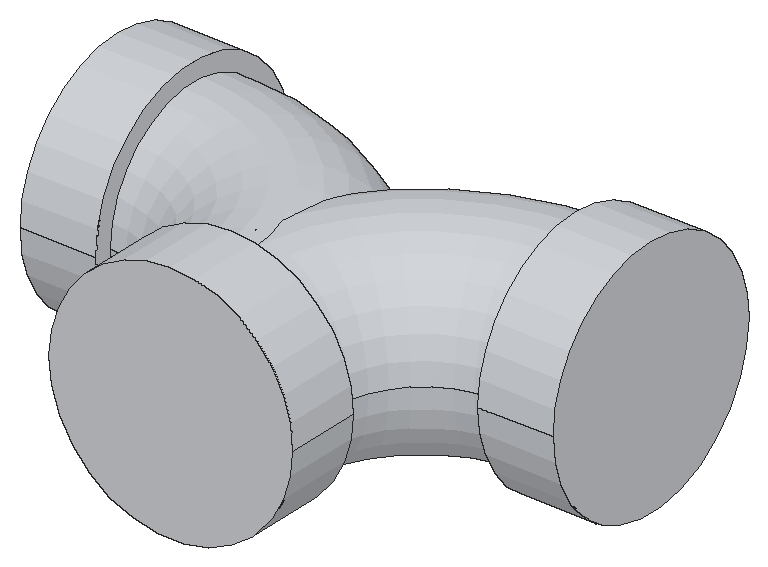
Revit family "M_Curva dupla - PVC - Sch 40 - DWV", category Conexões de tubo, Revit 2019
Family settings
  Cota do conector redondo = Usar raio
  Tipo de parte = Tê
  Número OmniClass = 23.60.30.11.14
  Título OmniClass = Pipework Fittings
  ID de item do Seek = Bend Double - PVC - Sch 40 - DWV-0000-CAN-ENU
  Com base no plano de trabalho = Não
  Sempre na vertical = Sim
  Corte com vazios quando carregada = Não
  Compartilhado = Não
Parameters (values of type "Padrão")
  Espessura da parede [instance] = size_lookup(Nome da tabela de pesquisa, "WThk", 0.02 * Diâmetro nominal + 3.274 mm, Diâmetro nominal)  # 3.962 mm
  Tamanho da marca de revisão [instance] = Diâmetro externo da conexão * 0.4  # 19.304 mm
  Raio externo do soquete [instance] = Diâmetro externo do soquete / 2  # 28.283 mm
  Diâmetro externo do soquete [instance] = Diâmetro da entrada do soquete + Espessura da parede * 2  # 56.566 mm
  Diâmetro da entrada do soquete [instance] = size_lookup(Nome da tabela de pesquisa, "SED", 1.04 * Diâmetro nominal + 9.426 mm, Diâmetro nominal)  # 48.641 mm
  Profundidade do soquete [instance] = size_lookup(Nome da tabela de pesquisa, "SDpt", 0.5 * Diâmetro nominal, Diâmetro nominal)  # 17.45 mm
  Raio nominal [instance] = 20 mm
  Diâmetro nominal [instance] = Raio nominal * 2  # 40 mm
  Método de perda = Não definido
  Nome da tabela de pesquisa = "M_Bend Double - PVC - Sch 40 - DWV"
  Raio externo da conexão [instance] = Diâmetro externo da conexão / 2  # 24.13 mm
  Diâmetro externo da conexão [instance] = size_lookup(Nome da tabela de pesquisa, "FOD", 1.04 * Diâmetro nominal + 9.128 mm, Diâmetro nominal)  # 48.26 mm
  Centro para legenda inferior do soquete [instance] = if(Raio externo da conexão > Centro para inferior do soquete, Raio externo da conexão + 3.175 mm, Centro para inferior do soquete)  # 44.45 mm
  Centro para inferior do soquete [instance] = size_lookup(Nome da tabela de pesquisa, "CtSB", 0.86 * Diâmetro nominal + 13.196 mm, Diâmetro nominal)  # 44.45 mm
Reference planes
  plane 1 "Centro (Frente/Trás)": y = 0
  plane 2: z = 0
  plane 3 "Centro (Esquerda/Direita)": x = 0
  plane 4: x = -44.45
  plane 5: x = 44.45
  plane 6: y = -44.45
Forms (mm)
  Sweep 1, solid, detail levels fine
    path in 3D
      loop
        line (-44.45, 0, 0) -> (-61.9, 0, 0)
    profile origin (-53.175, 0, 0) x (0, -1, 0) y (0, 0, 1)
      loop
        circle (0, 0) r 28.283
  Sweep 2, solid, detail levels fine
    path in 3D
      loop
        line (44.45, 0, 0) -> (61.9, 0, 0)
    profile origin (53.175, 0, 0) x (0, 1, 0) y (0, 0, 1)
      loop
        circle (0, 0) r 28.283
  Sweep 3, solid, detail levels fine
    path in 3D
      loop
        line (0, -44.45, 0) -> (0, -61.9, 0)
    profile origin (0, -53.175, 0) x (1, 0, 0) y (0, 0, 1)
      loop
        circle (0, 0) r 28.283
  Sweep 4, solid, detail levels fine
    path in 3D
      loop
        arc (-44.45, 0, 0) -> (-13.019, -13.019, 0) -> (0, -44.45, 0) r 44.45
    profile origin (-13.019, -13.019, 0) x (0.707107, 0.707107, 0) y (0, 0, 1)
      loop
        circle (0, 0) r 24.13
  Sweep 5, solid, detail levels fine
    path in 3D
      loop
        arc (44.45, 0, 0) -> (13.019, -13.019, 0) -> (0, -44.45, 0) r 44.45
    profile origin (13.019, -13.019, 0) x (0.707107, -0.707107, 0) y (0, 0, 1)
      loop
        circle (0, 0) r 24.13
Cuts and joins
  joined: Sweep 1, Sweep 3, Sweep 4
  joined: Sweep 2, Sweep 5
Lines and regions (mm)
  model lines, detail levels coarse+medium
    curve 1: line (-44.45, 0, 0) -> (-61.9, 0, 0)
    curve 2: line (44.45, 0, 0) -> (61.9, 0, 0)
    curve 3: line (0, -44.45, 0) -> (0, -61.9, 0)
    curve 7: line (-61.9, 0, 0) -> (-61.9, 19.304, 0)
    curve 8: line (-61.9, 0, 0) -> (-61.9, -19.304, 0)
    curve 9: line (61.9, 0, 0) -> (61.9, 19.304, 0)
    curve 10: line (61.9, 0, 0) -> (61.9, -19.304, 0)
    curve 11: line (0, -61.9, 0) -> (19.304, -61.9, 0)
    curve 12: line (0, -61.9, 0) -> (-19.304, -61.9, 0)
    curve 13: arc (-44.45, 0, 0) -> (-13.019, -13.019, 0) -> (0, -44.45, 0) r 44.45
    curve 14: arc (44.45, 0, 0) -> (13.019, -13.019, 0) -> (0, -44.45, 0) r 44.45
  sketch lines
    curve 4: line (-44.45, 0, 0) -> (-61.9, 0, 0)
    curve 5: line (44.45, 0, 0) -> (61.9, 0, 0)
    curve 6: line (0, -44.45, 0) -> (0, -61.9, 0)
    curve 15: arc (-44.45, 0, 0) -> (-13.019, -13.019, 0) -> (0, -44.45, 0) r 44.45
    curve 16: arc (44.45, 0, 0) -> (13.019, -13.019, 0) -> (0, -44.45, 0) r 44.45
Dimensions and locks
  "Profundidade do soquete": curve 1 to curve 1
  "Profundidade do soquete": curve 2 to curve 2
  "Profundidade do soquete": curve 3 to curve 3
  "Tamanho da marca de revisão": curve 7 to curve 7
  "Tamanho da marca de revisão": curve 8 to curve 8
  "Tamanho da marca de revisão": curve 9 to curve 9
  "Tamanho da marca de revisão": curve 10 to curve 10
  "Tamanho da marca de revisão": curve 11 to curve 11
  "Tamanho da marca de revisão": curve 12 to curve 12
  "Centro para legenda inferior do soquete": plane 4 to plane 3 "Centro (Esquerda/Direita)"
  "Centro para legenda inferior do soquete": plane 3 "Centro (Esquerda/Direita)" to plane 5
  "Centro para legenda inferior do soquete": plane 6 to plane 1 "Centro (Frente/Trás)"
  "Centro para legenda inferior do soquete": curve 1 to plane 3 "Centro (Esquerda/Direita)"
  "Centro para legenda inferior do soquete": plane 3 "Centro (Esquerda/Direita)" to curve 2
  "Raio externo do soquete": radius of Sweep 1 sketch curve
  "Raio externo do soquete": radius of Sweep 2 sketch curve
  "Raio externo do soquete": radius of Sweep 3 sketch curve
  "Raio externo da conexão": radius of Sweep 4 sketch curve
  "Raio externo da conexão": radius of Sweep 5 sketch curve
  angle curve 3 to curve 12 = 90.00°
  angle curve 11 to curve 3 = 90.00°
  angle curve 1 to curve 7 = 90.00°
  angle curve 8 to curve 1 = 90.00°
  angle curve 9 to curve 2 = 90.00°
  angle curve 10 to curve 2 = 90.00°
  aligned and locked: plane 1 "Centro (Frente/Trás)" to Sweep 1 sketch curve
  aligned and locked: plane 2 to Sweep 1 sketch curve
  aligned and locked: plane 2 to Sweep 3 sketch curve
  aligned and locked: plane 4 to curve 13
  aligned and locked: plane 6 to curve 13
  aligned and locked: plane 1 "Centro (Frente/Trás)" to curve 2
Automatic sketch dimensions
  Sweep 2 sketch curve to profile plane = 0 mm  (x2)
  profile plane to Sweep 3 sketch curve = 0 mm
  Sweep 4 sketch curve to profile plane = 0 mm  (x2)
  Sweep 5 sketch curve to profile plane = 0 mm  (x2)
Connectors
  piping at (-61.9, 0, 0), diameter 40, driven by "Raio nominal"
    settings: on cut or joined group of Sweep 1, Sweep 3, Sweep 4, index 1, connector inside diameter 40 mm, connector length 0 mm, flow factor 0, pipe flow 0.0 L/s, pressure drop 0.0 Pa, fitting loss kfactor 0, connector angle 0.00°, fixture units 0, engagement length 0 mm, angle of deflection 0.00°, flow configuration 0, flow direction 0, fitting loss method 0, system type 28, joint type 0, gender type 0, connector reference index -1, connector utility 0, adjustable connector no, is connector primary yes, connector description ""
  piping at (61.9, 0, 0), diameter 40, driven by "Raio nominal"
    settings: on cut or joined group of Sweep 2, Sweep 5, index 2, connector inside diameter 40 mm, connector length 0 mm, flow factor 0, pipe flow 0.0 L/s, pressure drop 0.0 Pa, fitting loss kfactor 0, connector angle 0.00°, fixture units 0, engagement length 0 mm, angle of deflection 0.00°, flow configuration 0, flow direction 0, fitting loss method 0, system type 28, joint type 0, gender type 0, connector reference index -1, connector utility 0, adjustable connector no, is connector primary no, connector description ""
  piping at (0, -61.9, 0), diameter 40, driven by "Raio nominal"
    settings: on cut or joined group of Sweep 1, Sweep 3, Sweep 4, index 3, connector inside diameter 40 mm, connector length 0 mm, flow factor 0, pipe flow 0.0 L/s, pressure drop 0.0 Pa, fitting loss kfactor 0, connector angle 0.00°, fixture units 0, engagement length 0 mm, angle of deflection 0.00°, flow configuration 0, flow direction 0, fitting loss method 0, system type 28, joint type 0, gender type 0, connector reference index -1, connector utility 0, adjustable connector no, is connector primary no, connector description ""
